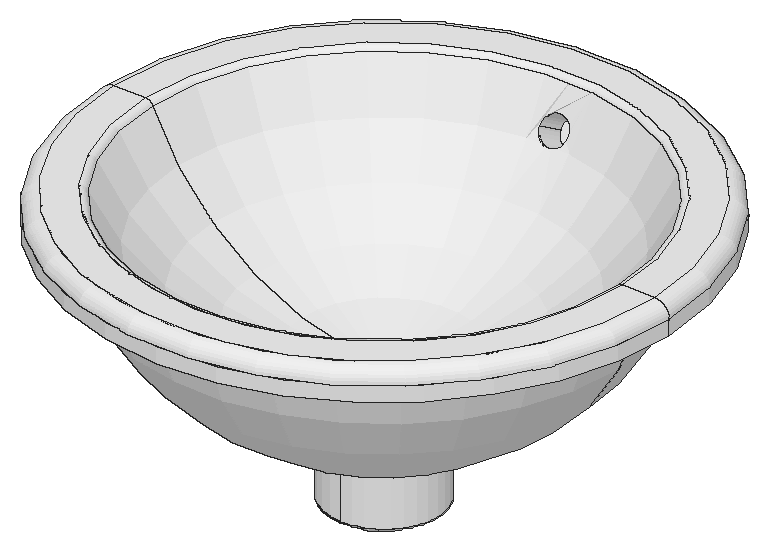
Revit family "IOS SBC-213B", category Plumbing Fixtures, Revit 2017
Family settings
  Round Connector Dimension = Use Diameter
  Part Type = Normal
  OmniClass Number = 23.45.00.00
  OmniClass Title = Sanitary, Laundry, and Cleaning Equipment
  Work Plane-Based = No
  Always vertical = Yes
  Cut with Voids When Loaded = No
  Shared = No
  Room Calculation Point = No
Parameters
  Waste Size = 32 mm
  URL = "www.seima.com.au"
  Steel = Steel
  Model = "IOS SBC-213B"
  Manufacturer = "SEIMA"
  Basin Material = Vitreous china_White
Reference planes
  plane 1 "Center (Front/Back)": y = 0
  plane 2: z = 0
  plane 3 "Center (Left/Right)": x = 0
  plane 4: z = -40
  plane 5: z = 150
  plane 6: z = 130
Forms (mm)
  Revolve 1, solid, material "Vitreous china_White" <- "Basin Material"
    sketch origin (0, 0, -0.469) x (0, 1, 0) y (0, 0, 1)
      loop
        line (-37.5, 29.502) -> (-37.5, -38.466)
        arc (-37.5, -38.466) -> (-37.181, -39.237) -> (-36.411, -39.556) r 1.089
        line (-36.411, -39.556) -> (-35.104, -39.556)
        arc (-35.104, -39.556) -> (-34.323, -39.232) -> (-34, -38.452) r 1.104
        line (-34, -38.452) -> (-34, 29.458)
        arc (-34, 29.458) -> (-34.336, 30.268) -> (-35.147, 30.604) r 1.147
        line (-35.147, 30.604) -> (-36.397, 30.604)
        arc (-36.397, 30.604) -> (-37.177, 30.281) -> (-37.5, 29.502) r 1.103
      axis (0, 30.604) -> (0, -39.556)
    angle from 0 to 360
  Revolve 2, solid, material "Vitreous china_White" <- "Basin Material"
    sketch origin (0, 0, 0) x (1, 0, 0) y (0, 0, 1)
      loop
        line (-165.587, 150) -> (-187.5, 150)
        arc (-187.5, 150) -> (-194.571, 147.071) -> (-197.5, 140) r 10
        line (-197.5, 140) -> (-197.5, 130) -> (-176.011, 130)
        arc (-176.011, 130) -> (-116.788, 40.854) -> (-17.425, 1.087) r 180
        line (-17.425, 1.087) -> (-17.425, 38.76)
        arc (-17.425, 38.76) -> (-18.677, 42.069) -> (-21.806, 43.721) r 5
        arc (-21.806, 43.721) -> (-104.997, 77.07) -> (-161.018, 147.03) r 176.189
        arc (-161.018, 147.03) -> (-162.862, 149.192) -> (-165.587, 150) r 5
      axis (0, 150) -> (0, 1.087)
    angle from 0 to 360
  Revolve 3, solid, material "Steel" <- "Steel"
    sketch origin (0, 0, -3.712) x (1, 0, 0) y (0, 0, 1)
      loop
        line (0, 53.885) -> (0, 39.264) -> (10.89, 39.264)
        spline (10.89, 39.264) -> (13.536, 40.43) -> (15.605, 41.821) -> (17.01, 43.379) -> (17.69, 45.036) -> (17.616, 46.721) -> (16.792, 48.364) -> (15.253, 49.894) -> (13.064, 51.246) -> (10.318, 52.363) -> (7.133, 53.196) -> (3.644, 53.711) -> (0, 53.885)
      axis (0, 53.885) -> (0, 39.264)
    angle from 0 to 360
  Extrusion 4, void
    sketch origin (0, 243.383, 35.165) x (1, 0, 0) y (0, 0.5, 0.866025)
      loop
        circle (0, 28.105) r 10
    from 105.929 to 133.818
  Extrusion 5, solid, material "Vitreous china_White"
    sketch origin (0, 0, 0) x (1, 0, 0) y (0, 1, 0)
      loop
        circle (0, 0) r 16
    from -40.168 to 28.503
Cuts and joins
  Extrusion 4 cuts Revolve 2
Dimensions and locks
  plane 5 to level = 150 mm
  plane 5 to plane 4 = 190 mm
  plane 5 to plane 6 = 20 mm
  aligned and locked: level to plane 2
Connectors
  piping at (0, 0, -40.168), diameter 32, driven by "Waste Size"
    settings: on Extrusion 5, index 1, connector inside diameter 609.6 mm, connector length 0 mm, flow factor 0, pipe flow 0.0 L/s, pressure drop 0.0 Pa, fitting loss kfactor 0, connector angle 0.00°, fixture units 0, engagement length 0 mm, angle of deflection 0.00°, flow configuration 0, flow direction 2, fitting loss method 0, system type 16, joint type 0, gender type 0, connector reference index -1, connector utility 0, adjustable connector no, is connector primary yes, connector description ""
